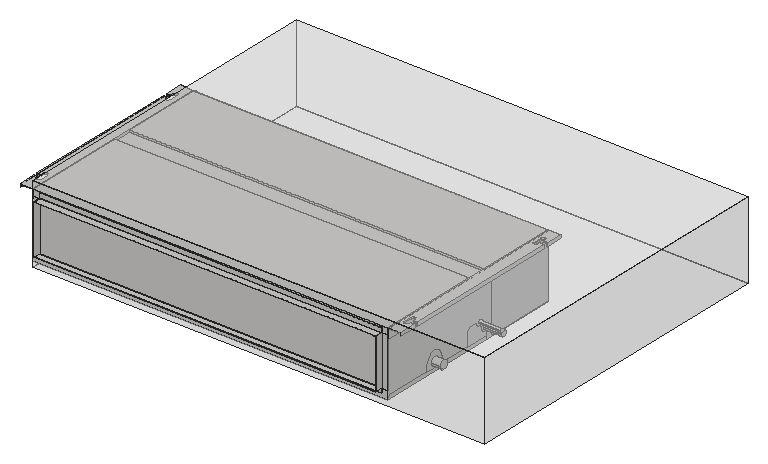
Revit family "outputfile", category 機械設備, Revit 2024
Family settings
  丸型コネクタ寸法 = 半径を使用
  パーツ タイプ = 標準
  OmniClass 番号 = 23.75.10.24.21.27.27
  OmniClass タイトル = Split System Air Conditioning Units
  作業面ベース = いいえ
  常に垂直 = はい
  ロード時にボイドで切り取り = いいえ
  注釈の向きを維持 = いいえ
  共有 = いいえ
  部屋計算ポイント = はい
Parameters (values of type "FDLF71DV1")
  Description = ""
  書き出し IFC クラス(タイプ) = "IfcUnitaryEquipmentType"
  定義済み IFC タイプ(タイプ) = "AIRCONDITIONINGUNIT"
  Cost = 0
  Type Comments = ""
  Keynote = ""
  Type Image = (empty or 0)
  Assembly Code = ""
  switch_frequency = yes
  ld_powersupply = Depth / 2  # 310 mm
  connector_voltage = Voltage_50Hz  # 230 V
  connector_powerinput = [Power Input (Cooling)]  # 0.000 kW
  connector_phase = Phase_50Hz  # 1
  angle_liquidpipe [instance] = if(Right Connection_refrigerant, 90.00°, 270.00°)  # 90.00°
  angle_gaspipe [instance] = if(Right Connection_refrigerant, 90.00°, 270.00°)  # 90.00°
  angle_drainpipe [instance] = if(Right Connection_refrigerant, 90.00°, 270.00°)  # 90.00°
  URL = ""
  Right Connection_refrigerant [instance] = yes
  製造元 = "Daikin"
  モデル = "FDLF71DV1"
  r_Liquid Pipe Size = Liquid Pipe Size / 2  # 4.75 mm
  r_Gas Pipe Size = Gas Pipe Size / 2  # 7.95 mm
  r_Drain Pipe Size = Drain Pipe Size / 2  # 12.5 mm
  lw_powersupply = 50 mm  # constant formula
  lw_ductflange2 = 1003 mm
  lw_Width = 1060 mm
  lh_suctionflange [instance] = 100 mm  # constant formula
  ld_suctionflange [instance] = if(Rear Connection_Return Air, 190.25 mm, 100.25 mm)  # 190.25 mm
  angle_vertical_RA [instance] = if(Rear Connection_Return Air, 90.00°, 0.00°)  # 90.00°
  angle horizontal_RA [instance] = if(Rear Connection_Return Air, 180.00°, 270.00°)  # 180.00°
  Voltage_comment_50Hz = "220 - 240"
  Voltage_50Hz = 230 V
  Supply Air Direction [instance] = yes
  Sound Power Level_H speed (dB) = 0
  Rear Connection_Return Air [instance] = not(Bottom Connection_Return Air)  # yes
  RA_length [instance] = if(Rear Connection_Return Air, 190.25 mm, 100 mm)  # 190.25 mm
  Phase_50Hz = 1
  Minimum External Static Pressure = 15.00 Pa
  Minimum Circuit Amps_50Hz = 0.0 A
  Maximum Fuse Amps_50Hz = 0.0 A
  Maximum External Static Pressure = 38.00 Pa
  Material_Casing = DAIKIN_GalvanizedSteel_Casing_indoorunit
  lw_liquidpipe = 621 mm
  lw_gaspipe = 608 mm
  lw_mountinghole = 1140 mm
  lw_drainpipe = 580 mm
  lh_powersupply = 150 mm  # constant formula
  lh_liquidpipe = 138 mm  # constant formula
  lh_gaspipe = 160 mm  # constant formula
  lh_mountinghole = Height  # 200 mm
  lh_drainpipe = 170 mm  # constant formula
  lh_antena = 1 mm  # constant formula
  ld_liquidpipe = 353 mm  # constant formula
  ld_gaspipe = 375 mm  # constant formula
  ld_mountinghole = 500 mm  # constant formula
  ld_drainpipe = 178 mm  # constant formula
  ld_controlbox = 626 mm  # constant formula
  h*** = 0 mm  # constant formula
  d_dischargeflange = 21.2 mm  # constant formula
  Width = 1100 mm
  Version = "ver.1.0"
  Unit Type = "L.S.P. Duct for Living Room"
  Unit Mass Weight = 31.00 kg
  Unit Designation [instance] = ""
  Uniclass2015Version = "Products v1.30"
  Uniclass2015Title = "Split coil room air conditioning units"
  Uniclass2015Code = "Pr_70_65_03_86"
  Total Cooling Capacity [instance] = 0.000 kW
  Sound Pressure Level_M speed (dBA) = 37
  Sound Pressure Level_L speed (dBA) = 34
  Sound Pressure Level_H speed (dBA) = 40
  Series = "SkyAir_Fan Coil Unit"
  Sensible Cooling Capacity [instance] = 0.000 kW
  SA Duct Size Width = 1060 mm
  SA Duct Size Height = 153 mm
  Refrigerant Type = "R32"
  RA Duct Size Width = 961 mm
  RA Duct Size Height = 160 mm
  Power Input (Cooling) = 0.000 kW
  Option Accessory 3 [instance] = ""
  Option Accessory 2 [instance] = ""
  Option Accessory 1 [instance] = ""
  Nominal Cooling Capacity = 7.100 kW
  Minimum Airflow = 990.00 m³/h
  Median Airflow = 1080.00 m³/h
  Maximum Airflow = 1200.00 m³/h
  Load Classification = HVAC
  Liquid Pipe Size = 9.5 mm
  Link_Nested Family [instance] = ""
  Left Connection_refrigerant [instance] = not(Right Connection_refrigerant)  # no
  IfcVersion = ""
  IfcExportType = "AIRCONDITIONINGUNIT"
  IfcExportAs = "IfcUnitaryEquipmentType"
  Height = 200 mm
  Heat Exchanger Type = "Cross Fin Coil"
  Gas Pipe Size = 15.9 mm
  Frequency_50Hz = 50 Hz
  Fan Type = "Sirocco Fan"
  Fan Drive = "Direct Drive"
  FCU Tag No. [instance] = ""
  Drain Pipe Size = 25.0 mm
  Design Supply Airflow [instance] = 0.00 m³/h
  Design Return Airflow [instance] = 0.00 m³/h
  Design External Static Pressure [instance] = 0.00 Pa
  Depth = 620 mm
  既定の高さ = 0 mm
  Cooling Entering Wet Bulb Temperature [instance] = 0.00 °C
  Cooling Entering Dry Bulb Temperature [instance] = 0.00 °C
  Cooling Ambient Wet Bulb Temperature [instance] = 0.00 °C
  Cooling Ambient Dry Bulb Temperature [instance] = 0.00 °C
  Clearance visibility [instance] = yes
  Clearance Top = 20 mm
  Clearance Right = 300 mm
  Clearance Rear = 400 mm
  Clearance Left = 0 mm
  Clearance Front = 0 mm
  Clearance Bottom = 20 mm
  Bottom Connection_Return Air [instance] = no
Reference planes
  plane 1 "Center (Front/Back)": y = 0
  plane 2: z = 0
  plane 3 "Center (Left/Right)": x = 0
  plane 4 "Back": y = 310
  plane 5 "Front": y = -310
  plane 6 "Left": x = -550
  plane 7 "Right": x = 550
  plane 8 "Top": z = 0
  plane 9 "Bottom": z = -200
  plane 10: x = -570
  plane 11: x = 570
  plane 12: y = 250
  plane 13: z = 0
  plane 14 "Clearance Left": x = -550
  plane 15 "Clearance Right": x = 850
  plane 16 "Clearance Rear": y = 710
  plane 17 "Clearance Front": y = -310
  plane 18 "Clearance Top": z = 20
  plane 19 "Clearance Bottom": z = -220
  plane 20: y = -250
  plane 21: z = -21
  plane 22: z = -97.5
  plane 23: x = -48.5
  plane 24: y = 119.75
  plane 25: z = -100
  plane 26: y = 65
  plane 27: z = -160
  plane 28: y = 43
  plane 29: z = -138
  plane 30: y = -132
  plane 31: z = -170
  plane 32: x = 608
  plane 33: x = 621
  plane 34: x = 580
  plane 35: x = 500
  plane 36: z = -150
  plane 37: x = -580
  plane 38: x = -621
  plane 39: x = -608
Forms (mm)
  Extrusion 1, solid, material "DAIKIN_GalvanizedSteel_Casing_indoorunit" <- "Material_Casing"
    sketch origin (0, 0, 0) x (1, 0, 0) y (0, 1, 0)
      loop
        line (-550, -310) -> (550, -310) -> (550, 310) -> (-550, 310) -> (-550, -310)
    from -200 to 0
  Extrusion 2, void
    sketch origin (0, 0, 1) x (1, 0, 0) y (0, 1, 0)
      loop
        line (-550, 61.5) -> (-550, 3.5) -> (550, 3.5) -> (550, 61.5) -> (-550, 61.5)
    from -1 to -7
  Extrusion 3, solid, material "DAIKIN_GalvanizedSteel_Casing_indoorunit" <- "Material_Casing", visible <- "Bottom Connection_Return Air"
    sketch origin (0, 0, 0) x (1, 0, 0) y (0, 0, 1)
      loop
        line (452, -199.25) -> (452, -0.75) -> (-549, -0.75) -> (-549, -199.25) -> (452, -199.25)
    from -310 to -309
  Extrusion 4, solid, material "DAIKIN_GalvanizedSteel_Casing_indoorunit" <- "Material_Casing", visible <- "Rear Connection_Return Air"
    sketch origin (0, 0, 0) x (1, 0, 0) y (0, 1, 0)
      loop
        line (-549, 309) -> (-549, 110.5) -> (452, 110.5) -> (452, 309) -> (-549, 309)
    from -200 to -199
  Extrusion 5, solid, material "DAIKIN_GalvanizedSteel_Casing_indoorunit" <- "Material_Casing", visible <- "Right Connection_refrigerant"
    sketch origin (550, 0, 0) x (0, 1, 0) y (0, 0, 1)
      loop
        circle (65, -160) r 7.95
    from 0 to 58
  Extrusion 6, solid, material "DAIKIN_GalvanizedSteel_Casing_indoorunit" <- "Material_Casing", visible <- "Right Connection_refrigerant"
    sketch origin (550, 0, 0) x (0, 1, 0) y (0, 0, 1)
      loop
        circle (43, -138) r 4.75
    from 0 to 71
  Extrusion 7, solid, material "DAIKIN_GalvanizedSteel_Casing_indoorunit" <- "Material_Casing", visible <- "Right Connection_refrigerant"
    sketch origin (550, 0, 0) x (0, 1, 0) y (0, 0, 1)
      loop
        line (-310, -200) -> (70, -200) -> (70, -190) -> (-310, -190) -> (-310, -200)
    from 0 to -1
  Extrusion 8, solid, material "DAIKIN_GalvanizedSteel_Casing_indoorunit" <- "Material_Casing", visible <- "Right Connection_refrigerant"
    sketch origin (550, 0, 0) x (0, 1, 0) y (0, 0, 1)
      loop
        arc (96, -27.5) -> (93.879, -28.379) -> (93, -30.5) r 3
        line (93, -30.5) -> (93, -194.5)
        arc (93, -194.5) -> (93.879, -196.621) -> (96, -197.5) r 3
        line (96, -197.5) -> (310, -197.5) -> (310, -27.5) -> (96, -27.5)
    from 0 to -1
  Extrusion 9, solid, material "DAIKIN_GalvanizedSteel_Casing_indoorunit" <- "Material_Casing", visible <- "Right Connection_refrigerant"
    sketch origin (550, 0, 0) x (0, 1, 0) y (0, 0, 1)
      loop
        arc (-104, -170) -> (-132, -142) -> (-160, -170) r 28
        line (-160, -170) -> (-160, -190) -> (-104, -190) -> (-104, -170)
    from 0 to -1
  Extrusion 10, solid, material "DAIKIN_GalvanizedSteel_Casing_indoorunit" <- "Material_Casing", visible <- "Right Connection_refrigerant"
    sketch origin (550, 0, 0) x (0, 1, 0) y (0, 0, 1)
      loop
        line (70, -190) -> (70, -174.671)
        arc (70, -174.671) -> (54.678, -171.563) -> (49.857, -156.691) r 15.5
        line (49.857, -156.691) -> (43.472, -150.991)
        arc (43.472, -150.991) -> (34.343, -147.698) -> (30.039, -139) r 13
        line (30.039, -139) -> (2, -139)
        arc (2, -139) -> (-0.121, -139.879) -> (-1, -142) r 3
        line (-1, -142) -> (-1, -190) -> (70, -190)
    from 0 to -1
  Extrusion 11, solid, material "DAIKIN_GalvanizedSteel_Casing_indoorunit" <- "Material_Casing", visible <- "Left Connection_refrigerant"
    sketch origin (-550, 0, 0) x (0, 1, 0) y (0, 0, 1)
      loop
        line (-310, -200) -> (70, -200) -> (70, -190) -> (-310, -190) -> (-310, -200)
    from 0 to -1
  Extrusion 12, solid, material "DAIKIN_GalvanizedSteel_Casing_indoorunit" <- "Material_Casing", visible <- "Left Connection_refrigerant"
    sketch origin (-550, 0, 0) x (0, 1, 0) y (0, 0, 1)
      loop
        arc (96, -27.5) -> (93.879, -28.379) -> (93, -30.5) r 3
        line (93, -30.5) -> (93, -194.5)
        arc (93, -194.5) -> (93.879, -196.621) -> (96, -197.5) r 3
        line (96, -197.5) -> (310, -197.5) -> (310, -27.5) -> (96, -27.5)
    from 0 to -1
  Extrusion 13, solid, material "DAIKIN_GalvanizedSteel_Casing_indoorunit" <- "Material_Casing", visible <- "Left Connection_refrigerant"
    sketch origin (-550, 0, 0) x (0, 1, 0) y (0, 0, 1)
      loop
        arc (-104, -170) -> (-132, -142) -> (-160, -170) r 28
        line (-160, -170) -> (-160, -190) -> (-104, -190) -> (-104, -170)
    from 0 to -1
  Extrusion 14, solid, material "DAIKIN_GalvanizedSteel_Casing_indoorunit" <- "Material_Casing", visible <- "Left Connection_refrigerant"
    sketch origin (-550, 0, 0) x (0, 1, 0) y (0, 0, 1)
      loop
        line (70, -190) -> (70, -174.671)
        arc (70, -174.671) -> (54.678, -171.563) -> (49.857, -156.691) r 15.5
        line (49.857, -156.691) -> (43.472, -150.991)
        arc (43.472, -150.991) -> (34.343, -147.698) -> (30.039, -139) r 13
        line (30.039, -139) -> (2, -139)
        arc (2, -139) -> (-0.121, -139.879) -> (-1, -142) r 3
        line (-1, -142) -> (-1, -190) -> (70, -190)
    from 0 to -1
  Extrusion 15, solid, material "DAIKIN_GalvanizedSteel_Casing_indoorunit" <- "Material_Casing", visible <- "Left Connection_refrigerant"
    sketch origin (-550, 0, 0) x (0, 1, 0) y (0, 0, 1)
      loop
        circle (43, -138) r 4.75
    from -71 to 0
  Extrusion 16, solid, material "DAIKIN_GalvanizedSteel_Casing_indoorunit" <- "Material_Casing", visible <- "Left Connection_refrigerant"
    sketch origin (-550, 0, 0) x (0, 1, 0) y (0, 0, 1)
      loop
        circle (65, -160) r 7.95
    from -58 to 0
  Extrusion 17, solid, material "DAIKIN_GalvanizedSteel_Casing_indoorunit" <- "Material_Casing", visible <- "Left Connection_refrigerant"
    sketch origin (-550, 0, 0) x (0, 1, 0) y (0, 0, 1)
      loop
        circle (-132, -170) r 12.5
    from -30 to 0
  Extrusion 18, solid, material "DAIKIN_GalvanizedSteel_Casing_indoorunit" <- "Material_Casing", visible <- "Right Connection_refrigerant"
    sketch origin (550, 0, 0) x (0, 1, 0) y (0, 0, 1)
      loop
        circle (-132, -170) r 12.5
    from 0 to 30
Cuts and joins
  Extrusion 2 cuts Extrusion 1
Dimensions and locks
  "Height": plane 8 "Top" to plane 9 "Bottom"
  equal spacing: plane 10, plane 3 "Center (Left/Right)", plane 11
  "lw_mountinghole": plane 10 to plane 11
  equal spacing: plane 6 "Left", plane 3 "Center (Left/Right)", plane 7 "Right"
  "Width": plane 6 "Left" to plane 7 "Right"
  "Clearance Right": plane 7 "Right" to plane 15 "Clearance Right"
  "Clearance Left": plane 14 "Clearance Left" to plane 6 "Left"
  "Clearance Rear": plane 16 "Clearance Rear" to plane 4 "Back"
  "Clearance Front": plane 5 "Front" to plane 17 "Clearance Front"
  "Clearance Top": plane 18 "Clearance Top" to plane 8 "Top"
  "Clearance Bottom": plane 9 "Bottom" to plane 19 "Clearance Bottom"
  "Depth": plane 4 "Back" to plane 5 "Front"
  equal spacing: plane 4 "Back", plane 1 "Center (Front/Back)", plane 5 "Front"
  Extrusion 3 sketch curve to Extrusion 3 sketch curve = 198.5 mm
  locked: plane 20 to plane 5 "Front" at 60
  "ld_mountinghole": plane 12 to plane 20
  locked: plane 8 "Top" to plane 21 at 21
  locked: plane 23 to plane 3 "Center (Left/Right)" at 48.5
  "ld_suctionflange": plane 4 "Back" to plane 24
  "lh_suctionflange": plane 8 "Top" to plane 25
  "ld_gaspipe": plane 26 to plane 5 "Front"
  "lh_gaspipe": plane 8 "Top" to plane 27
  "ld_liquidpipe": plane 28 to plane 5 "Front"
  "lh_liquidpipe": plane 8 "Top" to plane 29
  "ld_drainpipe": plane 30 to plane 5 "Front"
  "lh_drainpipe": plane 8 "Top" to plane 31
  "lw_powersupply": plane 35 to plane 7 "Right"
  "lh_powersupply": plane 8 "Top" to plane 36
  "lw_gaspipe": plane 3 "Center (Left/Right)" to plane 32
  "lw_liquidpipe": plane 3 "Center (Left/Right)" to plane 33
  "lw_drainpipe": plane 3 "Center (Left/Right)" to plane 34
  "lw_liquidpipe": plane 38 to plane 3 "Center (Left/Right)"
  "lw_gaspipe": plane 39 to plane 3 "Center (Left/Right)"
  "lw_drainpipe": plane 37 to plane 3 "Center (Left/Right)"
  "r_Gas Pipe Size": radius of Extrusion 5 sketch curve
  "r_Liquid Pipe Size": radius of Extrusion 6 sketch curve
  "r_Liquid Pipe Size": radius of Extrusion 15 sketch curve
  "r_Gas Pipe Size": radius of Extrusion 16 sketch curve
  "r_Drain Pipe Size": radius of Extrusion 17 sketch curve
  "r_Drain Pipe Size": radius of Extrusion 18 sketch curve
  aligned and locked: level to plane 2
  aligned and locked: Extrusion 1 to plane 9 "Bottom"
  aligned and locked: plane 8 "Top" to Extrusion 1
  aligned and locked: plane 11 to nested 2
  aligned and locked: plane 10 to nested 3
  aligned and locked: plane 10 to nested 4
  aligned and locked: plane 8 "Top" to Extrusion 2
  aligned and locked: plane 9 "Bottom" to Extrusion 4  (x2)
  aligned and locked: plane 7 "Right" to cut or joined group of Extrusion 1, Extrusion 2  (x2)
  aligned and locked: plane 3 "Center (Left/Right)" to nested 9
  aligned and locked: plane 6 "Left" to nested 7
  aligned and locked: plane 8 "Top" to nested 9
  aligned and locked: plane 11 to nested 1
  aligned and locked: nested 6 to plane 1 "Center (Front/Back)"
  aligned and locked: plane 3 "Center (Left/Right)" to nested 6
  aligned and locked: level to plane 8 "Top"
  aligned and locked: plane 1 "Center (Front/Back)" to nested 9
  aligned and locked: plane 5 "Front" to nested 10
  aligned and locked: Extrusion 1 sketch curve to plane 5 "Front"
  aligned and locked: plane 21 to nested 10
  aligned and locked: nested 5 to plane 5 "Front"
  aligned and locked: plane 3 "Center (Left/Right)" to nested 5
  aligned and locked: plane 22 to nested 5
  aligned and locked: Extrusion 2 sketch curve to plane 6 "Left"
  aligned and locked: plane 7 "Right" to Extrusion 2 sketch curve
  aligned and locked: nested 11 to plane 23
  aligned and locked: nested 11 to plane 24
  aligned and locked: plane 27 to Extrusion 5 sketch curve
  aligned and locked: plane 26 to Extrusion 5 sketch curve
  aligned and locked: plane 28 to Extrusion 6 sketch curve
  aligned and locked: plane 29 to Extrusion 6 sketch curve
  aligned and locked: plane 32 to Extrusion 5
  aligned and locked: plane 33 to Extrusion 6
  aligned and locked: Extrusion 7 sketch curve to plane 9 "Bottom"
  aligned and locked: Extrusion 7 sketch curve to plane 5 "Front"
  aligned and locked: plane 14 "Clearance Left" to nested 12
  aligned and locked: plane 15 "Clearance Right" to nested 12
  aligned and locked: plane 16 "Clearance Rear" to nested 12
  aligned and locked: nested 12 to plane 17 "Clearance Front"
  aligned and locked: nested 12 to plane 18 "Clearance Top"
  aligned and locked: nested 12 to plane 19 "Clearance Bottom"
  aligned and locked: nested 13 to plane 35
  aligned and locked: nested 13 to plane 36
  aligned and locked: plane 4 "Back" to nested 13
  aligned and locked: nested 14 to plane 26
  aligned and locked: plane 3 "Center (Left/Right)" to nested 14
  aligned and locked: nested 14 to plane 27
  aligned and locked: nested 15 to plane 28
  aligned and locked: plane 3 "Center (Left/Right)" to nested 15
  aligned and locked: nested 15 to plane 29
  aligned and locked: nested 16 to plane 30
  aligned and locked: plane 3 "Center (Left/Right)" to nested 16
  aligned and locked: nested 16 to plane 31
  aligned and locked: plane 29 to Extrusion 15 sketch curve
  aligned and locked: plane 28 to Extrusion 15 sketch curve
  aligned and locked: Extrusion 15 to plane 38
  aligned and locked: plane 6 "Left" to Extrusion 15
  aligned and locked: plane 26 to Extrusion 16 sketch curve
  aligned and locked: plane 27 to Extrusion 16 sketch curve
  aligned and locked: Extrusion 16 to plane 39
  aligned and locked: plane 6 "Left" to Extrusion 16
  aligned and locked: plane 30 to Extrusion 17 sketch curve
  aligned and locked: Extrusion 17 to plane 37
  aligned and locked: plane 6 "Left" to Extrusion 17
  aligned and locked: Extrusion 5 to plane 7 "Right"
  aligned and locked: Extrusion 6 to plane 7 "Right"
  aligned and locked: plane 30 to Extrusion 18 sketch curve
  aligned and locked: plane 31 to Extrusion 18 sketch curve
  aligned and locked: plane 34 to Extrusion 18
  aligned and locked: Extrusion 18 to plane 7 "Right"
Automatic sketch dimensions
  Extrusion 1 sketch curve to plane 4 "Back" = 0 mm
  Extrusion 1 sketch curve to plane 6 "Left" = 0 mm
  Extrusion 1 sketch curve to plane 7 "Right" = 0 mm
  Extrusion 2 sketch curve to plane 1 "Center (Front/Back)" = 3.5 mm
  Extrusion 2 sketch curve to plane 26 = 3.5 mm
  plane 9 "Bottom" to Extrusion 3 sketch curve = 0.75 mm
  plane 6 "Left" to Extrusion 3 sketch curve = 1 mm
  Extrusion 3 sketch curve to plane 35 = 48 mm
  Extrusion 4 sketch curve to plane 4 "Back" = 1 mm
  plane 6 "Left" to Extrusion 4 sketch curve = 1 mm
  Extrusion 4 sketch curve to plane 35 = 48 mm
  Extrusion 4 sketch curve to plane 24 = 9.25 mm
  plane 26 to Extrusion 7 sketch curve = 5 mm
  Extrusion 7 sketch curve to Extrusion 7 sketch curve = 10 mm
  Extrusion 8 sketch curve to plane 21 = 9.5 mm
  Extrusion 8 sketch curve to plane 24 = 23.75 mm  (x2)
  plane 9 "Bottom" to Extrusion 8 sketch curve = 5.5 mm
  Extrusion 8 sketch curve to Extrusion 8 sketch curve = 3 mm
  Extrusion 9 sketch curve to plane 31 = 0 mm
  Extrusion 9 sketch curve to plane 30 = 0 mm
  plane 9 "Bottom" to Extrusion 9 sketch curve = 10 mm
  Extrusion 9 sketch curve to plane 30 = 28 mm
  Extrusion 10 sketch curve to plane 28 = 0 mm
  Extrusion 10 sketch curve to plane 26 = 0 mm
  Extrusion 10 sketch curve to plane 27 = 0 mm
  Extrusion 10 sketch curve to plane 29 = 0 mm
  Extrusion 10 sketch curve to plane 29 = 1 mm
  Extrusion 10 sketch curve to plane 28 = 12.961 mm
  Extrusion 10 sketch curve to plane 1 "Center (Front/Back)" = 2 mm
  plane 1 "Center (Front/Back)" to Extrusion 10 sketch curve = 1 mm
  plane 28 to Extrusion 10 sketch curve = 0.472 mm
  plane 27 to Extrusion 10 sketch curve = 3.309 mm
  plane 28 to Extrusion 10 sketch curve = 6.857 mm
  plane 26 to Extrusion 10 sketch curve = 5 mm
  plane 9 "Bottom" to Extrusion 10 sketch curve = 10 mm
  Extrusion 8 sketch curve to plane 4 "Back" = 0 mm
  Extrusion 17 sketch curve to plane 31 = 0 mm
  Extrusion 12 sketch curve to plane 4 "Back" = 0 mm
  plane 9 "Bottom" to Extrusion 12 sketch curve = 5.5 mm
  Extrusion 12 sketch curve to plane 24 = 23.75 mm  (x2)
  Extrusion 12 sketch curve to plane 21 = 6.5 mm
  Extrusion 12 sketch curve to Extrusion 12 sketch curve = 3 mm
  Extrusion 14 sketch curve to plane 28 = 0 mm
  Extrusion 14 sketch curve to plane 26 = 0 mm
  Extrusion 14 sketch curve to plane 27 = 0 mm
  Extrusion 14 sketch curve to plane 29 = 0 mm
  Extrusion 14 sketch curve to plane 29 = 1 mm
  Extrusion 14 sketch curve to plane 28 = 12.961 mm
  Extrusion 14 sketch curve to plane 1 "Center (Front/Back)" = 2 mm
  plane 1 "Center (Front/Back)" to Extrusion 14 sketch curve = 1 mm
  plane 28 to Extrusion 14 sketch curve = 0.472 mm
  plane 27 to Extrusion 14 sketch curve = 3.309 mm
  plane 28 to Extrusion 14 sketch curve = 6.857 mm
  plane 26 to Extrusion 14 sketch curve = 5 mm
  plane 9 "Bottom" to Extrusion 14 sketch curve = 10 mm
  Extrusion 11 sketch curve to plane 5 "Front" = 0 mm
  Extrusion 11 sketch curve to plane 9 "Bottom" = 0 mm
  plane 26 to Extrusion 11 sketch curve = 5 mm
  Extrusion 11 sketch curve to Extrusion 11 sketch curve = 10 mm
  Extrusion 13 sketch curve to plane 31 = 0 mm
  Extrusion 13 sketch curve to plane 30 = 0 mm
  plane 9 "Bottom" to Extrusion 13 sketch curve = 10 mm
  Extrusion 13 sketch curve to plane 30 = 28 mm
Nested families
  nested 1: "daikin_mountinghole" at (570, 250, -200), l_antenna <- "lh_antena", Link_Nested Family <- "Link_Nested Family", h_mountinghole <- "lh_mountinghole", type "daikin_mountinghole"
    with show yes, l_antenna 1 mm, h_mountinghole 200 mm, Link_Nested Family ""
  nested 2: "daikin_mountinghole" at (570, -250, -200), Link_Nested Family <- "Link_Nested Family", l_antenna <- "lh_antena", h_mountinghole <- "lh_mountinghole", type "daikin_mountinghole"
    with show yes, l_antenna 1 mm, h_mountinghole 200 mm, Link_Nested Family ""
  nested 3: "daikin_mountinghole" at (-570, -250, -200), l_antenna <- "lh_antena", Link_Nested Family <- "Link_Nested Family", h_mountinghole <- "lh_mountinghole", type "daikin_mountinghole"
    with show yes, l_antenna 1 mm, h_mountinghole 200 mm, Link_Nested Family ""
  nested 4: "daikin_mountinghole" at (-570, 250, -200), l_antenna <- "lh_antena", Link_Nested Family <- "Link_Nested Family", h_mountinghole <- "lh_mountinghole", type "daikin_mountinghole"
    with show yes, l_antenna 1 mm, h_mountinghole 200 mm, Link_Nested Family ""
  nested 5: "daikin_connector_rotate2" at (0, -310, -97.5), length <- "d_dischargeflange", type "daikin_connector_rotate2"
    with radius 10 mm, length 21.2 mm, angle_vertical 90.00°, show_face no
  nested 6: "daikin_△_symbolicline" at (-75, -129.904, 200) x (-0.5, 0.866, 0) z (0, 0, 1), built-in parameter 1001364 <- "Height", visible <- "Supply Air Direction", type "daikin_△_symbolicline"
    with length 300 mm
  nested 7: "daikin_ductflange_FDLF-DV1_1" at (-48.5, 310, -100), visible <- "Rear Connection_Return Air", material <- "Material_Casing", width <- "lw_ductflange2", type "daikin_ductflange_FDLF-DV1_1"
    with width 1003 mm, material DAIKIN_GalvanizedSteel_Casing_indoorunit, height 180 mm, depth 21.2 mm
  nested 8: "daikin_ductflange_FDLF-DV1_1" at (-48.5, 209.75, -200) x (1, 0, 0) z (0, 1, 0), visible <- "Bottom Connection_Return Air", material <- "Material_Casing", width <- "lw_ductflange2", type "daikin_ductflange_FDLF-DV1_1"
    with width 1003 mm, material DAIKIN_GalvanizedSteel_Casing_indoorunit, height 180 mm, depth 21.2 mm
  nested 9: "daikin_hangerfixture_FDLF-DV1" at (0, 0, 0), type "daikin_hangerfixture_FDLF-DV1"
    with width 1100 mm
  nested 10: "daikin_ductflange_FDLF-DV1" at (0, 3.5, -364.201), width <- "lw_Width", material <- "Material_Casing", type "daikin_ductflange_FDLF-DV1"
    with width 1060 mm, material DAIKIN_GalvanizedSteel_Casing_indoorunit, height 155 mm, depth 21.2 mm
  nested 11: "daikin_connector_rotate3" at (-48.5, 119.75, -100), length <- "RA_length", angle_vertical <- "angle_vertical_RA", angle_horizontal <- "angle horizontal_RA", type "daikin_connector_rotate3"
    with show no, radius 10 mm, length 190.25 mm, angle_vertical 90.00°, angle_horizontal 180.00°
  nested 12: "daikin_clearancespace" at (150, 200, -99.881), visible <- "Clearance visibility", Link_Nested Family <- "Link_Nested Family", show <- "Clearance visibility", type "daikin_clearancespace"
    with width 1400 mm, show yes, height 240 mm, depth 1020 mm, Link_Nested Family ""
  nested 13: "daikin_connector_rotate2" at (500, 0, -150) x (-1, 0, 0) z (0, 0, 1), length <- "ld_powersupply", type "daikin_connector_rotate2"
    with radius 10 mm, length 310 mm, angle_vertical 90.00°, show_face no
  nested 14: "daikin_connector_rotate3" at (0, 65, -160), angle_vertical <- "angle_gaspipe", radius <- "r_Gas Pipe Size", length <- "lw_gaspipe", type "daikin_connector_rotate3"
    with show no, radius 7.95 mm, length 608 mm, angle_vertical 90.00°, angle_horizontal 90.00°
  nested 15: "daikin_connector_rotate3" at (0, 43, -138), angle_vertical <- "angle_liquidpipe", length <- "lw_liquidpipe", radius <- "r_Liquid Pipe Size", type "daikin_connector_rotate3"
    with show no, radius 4.75 mm, length 621 mm, angle_vertical 90.00°, angle_horizontal 90.00°
  nested 16: "daikin_connector_rotate3" at (0, -132, -170), angle_vertical <- "angle_drainpipe", length <- "lw_drainpipe", radius <- "r_Drain Pipe Size", type "daikin_connector_rotate3"
    with show no, radius 12.5 mm, length 580 mm, angle_vertical 90.00°, angle_horizontal 90.00°
Connectors
  hvac at (0, -331.2, -97.5), driven by "SA Duct Size Height", driven by "SA Duct Size Width"
    settings: on nested 5, index 1, duct flow 0.00 m³/h, flow factor 0, pres drop 0.00 Pa, loss coef 0, conn angle 0.00°, conn width 1060.0 mm, conn height 153.0 mm, conn diameter 609.6 mm, duct sys type 1, conn prof type 1, flow config 0, flow direction 2, loss method 4, conn ref index -1, conn util no, is conn primary yes, conn desc "SA Duct"
  hvac at (-48.5, 310, -100), driven by "RA Duct Size Height", driven by "RA Duct Size Width"
    settings: on nested 11, index 2, duct flow 0.00 m³/h, flow factor 0, pres drop 0.00 Pa, loss coef 0, conn angle 0.00°, conn width 961.0 mm, conn height 160.0 mm, conn diameter 609.6 mm, duct sys type 2, conn prof type 1, flow config 0, flow direction 1, loss method 4, conn ref index -1, conn util no, is conn primary no, conn desc "RA Duct"
  electrical at (500, 310, -150), driven by "Load Classification", driven by "connector_phase", driven by "connector_powerinput", driven by "connector_voltage"
    settings: on nested 13, index 6, voltage 230 V, apparent load 0 VA, apparent load phase1 0 VA, apparent load phase2 0 VA, apparent load phase3 0 VA, power factor 1, load classification "HVAC", number of poles 1, system type 30, power factor state 1, is connector primary yes, connector utility no, sub classification motor no, connector description "Power Supply"
  piping at (608, 65, -160), diameter 15.9, driven by "r_Gas Pipe Size"
    settings: on nested 14, index 7, connector inside diameter 609.6 mm, connector length 0 mm, flow factor 0, pipe flow 0.00 m³/h, pressure drop 0.0 Pa, fitting loss kfactor 0, connector angle 0.00°, fixture units 0, engagement length 0 mm, angle of deflection 0.00°, flow configuration 1, flow direction 2, fitting loss method 0, system type 29, joint type 0, gender type 0, connector reference index -1, connector utility 0, adjustable connector no, is connector primary yes, connector description "Refrigerant Gas Piping"
  piping at (621, 43, -138), diameter 9.5, driven by "r_Liquid Pipe Size"
    settings: on nested 15, index 8, connector inside diameter 609.6 mm, connector length 0 mm, flow factor 0, pipe flow 0.00 m³/h, pressure drop 0.0 Pa, fitting loss kfactor 0, connector angle 0.00°, fixture units 0, engagement length 0 mm, angle of deflection 0.00°, flow configuration 1, flow direction 1, fitting loss method 0, system type 29, joint type 0, gender type 0, connector reference index -1, connector utility 0, adjustable connector no, is connector primary no, connector description "Refrigerant Liquid Piping"
  piping at (580, -132, -170), diameter 25, driven by "r_Drain Pipe Size"
    settings: on nested 16, index 9, connector inside diameter 609.6 mm, connector length 0 mm, flow factor 0, pipe flow 0.00 m³/h, pressure drop 0.0 Pa, fitting loss kfactor 0, connector angle 0.00°, fixture units 0, engagement length 0 mm, angle of deflection 0.00°, flow configuration 1, flow direction 2, fitting loss method 4, system type 16, joint type 0, gender type 0, connector reference index -1, connector utility 0, adjustable connector no, is connector primary no, connector description "Condensate Drain Piping"
Definition of nested family "daikin_ductflange_FDLF-DV1_1"
  Parameters (values of type "daikin_ductflange_FDLF-DV1_1")
    width [instance] = 620 mm
    material [instance] = none
    height [instance] = 180 mm
    depth [instance] = 21.2 mm
    Default Elevation = 0 mm
  Reference planes
    plane 1 "Center (Front/Back)": y = 0
    plane 2: z = 0
    plane 3 "Center (Left/Right)": x = 0
    plane 4: x = -310
    plane 5: x = 310
    plane 6: z = 90
    plane 7: z = -90
    plane 8: z = 100.25
    plane 9: z = -100.25
    plane 10: x = -309
    plane 11: x = 309
  Forms (mm)
    Extrusion 1, solid, material <- "material"
      sketch origin (0, 0, 0) x (1, 0, 0) y (0, 0, 1)
        loop
          line (-300.5, 90) -> (-300.5, -90) -> (300.5, -90) -> (300.5, 90) -> (-300.5, 90)
        loop
          line (-309, -99.25) -> (309, -99.25) -> (309, 99.25) -> (-309, 99.25) -> (-309, -99.25)
      from 0 to 1
  Dimensions and locks
    equal spacing: plane 5, plane 3 "Center (Left/Right)", plane 4, locked at 310 each
    "width": plane 5 to plane 4
    equal spacing: plane 6, level, plane 7, locked at 90 each
    "height": plane 6 to plane 7
    equal spacing: plane 8, level, plane 9
    plane 10 to plane 4 = 1 mm
    locked: plane 5 to plane 11 at 1
    locked: Extrusion 1 sketch curve to Extrusion 1 sketch curve at 8.5  (x2)
    plane 8 to Extrusion 1 sketch curve = 1 mm
    locked: Extrusion 1 sketch curve to plane 9 at 1
    locked: plane 8 to plane 9 at 200.5
    aligned and locked: level to plane 2
    aligned and locked: Extrusion 1 sketch curve to plane 6
    aligned and locked: plane 7 to Extrusion 1 sketch curve
  Automatic sketch dimensions
    plane 4 to Extrusion 1 sketch curve = 1 mm
    Extrusion 1 sketch curve to plane 5 = 1 mm
Definition of nested family "daikin_hangerfixture_FDLF-DV1"
  Parameters (values of type "daikin_hangerfixture_FDLF-DV1")
    width = 900 mm
    material = none
    height = 30 mm
    depth = 620 mm
    Default Elevation = 0 mm
  Reference planes
    plane 1 "Center (Front/Back)": y = 0
    plane 2: z = 0
    plane 3 "Center (Left/Right)": x = 0
    plane 4: x = 450
    plane 5: y = 310
    plane 6: y = -310
    plane 7: x = -450
    plane 8: z = -30
  Forms (mm)
    Extrusion 1, solid, material <- "material"
      sketch origin (0, 0, 0) x (1, 0, 0) y (0, 0, 1)
        loop
          line (450, 0) -> (450, -30) -> (452.3, -30) -> (452.3, -2.3) -> (487.7, -2.3) -> (487.7, -10) -> (490, -10) -> (490, 0) -> (450, 0)
      from -310 to 310
    Extrusion 2, void
      sketch origin (0, 0, 0) x (0, 1, 0) y (0, 0, 1)
        loop
          line (310, -30) -> (310, -17.979) -> (87.935, -17.979) -> (75.914, -30) -> (310, -30)
      from -786.78 to 600.701
    Extrusion 3, void
      sketch origin (0, 0, 0) x (1, 0, 0) y (0, 1, 0)
        loop
          line (490, -244.5) -> (477, -244.5) -> (477, -238)
          arc (477, -238) -> (470, -231) -> (463, -238) r 7
          line (463, -238) -> (463, -264)
          arc (463, -264) -> (470, -271) -> (477, -264) r 7
          line (477, -264) -> (477, -257.5) -> (490, -257.5) -> (490, -244.5)
        loop
          line (490, 244.5) -> (490, 257.5) -> (477, 257.5) -> (477, 264)
          arc (477, 264) -> (470, 271) -> (463, 264) r 7
          line (463, 264) -> (463, 238)
          arc (463, 238) -> (470, 231) -> (477, 238) r 7
          line (477, 238) -> (477, 244.5) -> (490, 244.5)
      from -254.96 to 618
    Extrusion 4, solid, material <- "material"
      sketch origin (0, 0, 0) x (-1, 0, 0) y (0, 0, -1)
        loop
          line (450, 0) -> (490, 0) -> (490, 10) -> (487.7, 10) -> (487.7, 2.3) -> (452.3, 2.3) -> (452.3, 30) -> (450, 30) -> (450, 0)
      from -310 to 310
    Extrusion 5, void
      sketch origin (0, 0, 0) x (-1, 0, 0) y (0, -1, 0)
        loop
          line (490, 244.5) -> (490, 257.5) -> (477, 257.5) -> (477, 264)
          arc (477, 264) -> (470, 271) -> (463, 264) r 7
          line (463, 264) -> (463, 238)
          arc (463, 238) -> (470, 231) -> (477, 238) r 7
          line (477, 238) -> (477, 244.5) -> (490, 244.5)
        loop
          line (490, -244.5) -> (477, -244.5) -> (477, -238)
          arc (477, -238) -> (470, -231) -> (463, -238) r 7
          line (463, -238) -> (463, -264)
          arc (463, -264) -> (470, -271) -> (477, -264) r 7
          line (477, -264) -> (477, -257.5) -> (490, -257.5) -> (490, -244.5)
      from -254.96 to 618
  Cuts and joins
    Extrusion 2, Extrusion 3, Extrusion 5 cuts Extrusion 1
    Extrusion 2, Extrusion 5 cuts Extrusion 4
  Dimensions and locks
    equal spacing: plane 5, plane 1 "Center (Front/Back)", plane 6
    "depth": plane 5 to plane 6
    plane 6 to plane 1 "Center (Front/Back)" to plane 5 = 310 mm, 310 mm
    equal spacing: plane 4, plane 3 "Center (Left/Right)", plane 7
    "width": plane 4 to plane 7
    "height": level to plane 8
    aligned and locked: level to plane 2
    aligned and locked: plane 5 to Extrusion 1
    aligned and locked: Extrusion 1 to plane 6
    aligned and locked: Extrusion 1 to plane 4
    aligned and locked: plane 5 to cut or joined group of Extrusion 1, Extrusion 2, Extrusion 3, Extrusion 5
    aligned and locked: cut or joined group of Extrusion 1, Extrusion 2, Extrusion 3, Extrusion 5 to plane 6
    aligned and locked: level to cut or joined group of Extrusion 1, Extrusion 2, Extrusion 3, Extrusion 5
    aligned and locked: cut or joined group of Extrusion 1, Extrusion 2, Extrusion 3, Extrusion 5 to plane 8
    aligned and locked: plane 5 to cut or joined group of Extrusion 2, Extrusion 4, Extrusion 5
    aligned and locked: cut or joined group of Extrusion 2, Extrusion 4, Extrusion 5 to plane 6
  Automatic sketch dimensions
    Extrusion 1 sketch curve to plane 4 = 0 mm
    Extrusion 1 sketch curve to plane 8 = 0 mm
    Extrusion 1 sketch curve to level = 0 mm
    plane 4 to Extrusion 1 sketch curve = 2.3 mm
    Extrusion 1 sketch curve to level = 2.3 mm
    Extrusion 1 sketch curve to Extrusion 1 sketch curve = 35.4 mm
    Extrusion 1 sketch curve to Extrusion 1 sketch curve = 2.3 mm
    Extrusion 1 sketch curve to Extrusion 1 sketch curve = 7.7 mm
    Extrusion 2 sketch curve to plane 8 = 0 mm
    Extrusion 2 sketch curve to plane 5 = 0 mm
    plane 8 to Extrusion 2 sketch curve = 12.021 mm
    Extrusion 2 sketch curve to plane 1 "Center (Front/Back)" = 87.935 mm
    Extrusion 2 sketch curve to Extrusion 2 sketch curve = 12.021 mm
    plane 4 to Extrusion 3 sketch curve = 13 mm  (x2)
    Extrusion 3 sketch curve to Extrusion 3 sketch curve = 7 mm  (x4)
    Extrusion 3 sketch curve to Extrusion 3 sketch curve = 13 mm  (x4)
    plane 6 to Extrusion 3 sketch curve = 46 mm
    Extrusion 3 sketch curve to Extrusion 3 sketch curve = 6.5 mm  (x4)
    Extrusion 3 sketch curve to plane 5 = 72 mm
    Extrusion 4 sketch curve to plane 7 = 0 mm
    Extrusion 4 sketch curve to plane 8 = 0 mm
    Extrusion 4 sketch curve to level = 0 mm
    Extrusion 4 sketch curve to plane 7 = 2.3 mm
    Extrusion 4 sketch curve to level = 2.3 mm
    Extrusion 4 sketch curve to Extrusion 4 sketch curve = 35.4 mm
    Extrusion 4 sketch curve to Extrusion 4 sketch curve = 2.3 mm
    Extrusion 4 sketch curve to Extrusion 4 sketch curve = 7.7 mm
    Extrusion 5 sketch curve to plane 7 = 13 mm  (x2)
    Extrusion 5 sketch curve to Extrusion 5 sketch curve = 7 mm  (x4)
    Extrusion 5 sketch curve to Extrusion 5 sketch curve = 13 mm  (x4)
    Extrusion 5 sketch curve to plane 5 = 46 mm
    Extrusion 5 sketch curve to Extrusion 5 sketch curve = 6.5 mm  (x4)
    plane 6 to Extrusion 5 sketch curve = 72 mm
Definition of nested family "daikin_ductflange_FDLF-DV1"
  Parameters (values of type "daikin_ductflange_FXDQ-NDVET")
    width [instance] = 660 mm
    material [instance] = none
    height [instance] = 155 mm
    depth [instance] = 21.2 mm
    Default Elevation = 0 mm
  Reference planes
    plane 1 "Center (Front/Back)": y = 0
    plane 2: z = 189.201
    plane 3 "Center (Left/Right)": x = 0
    plane 4: y = -313.5
    plane 5: x = -330
    plane 6: x = 330
    plane 7: y = -334.7
    plane 8: z = 344.201
    plane 9: z = 266.701
    plane 10: z = 343.201
    plane 11: z = 190.201
  Forms (mm)
    Extrusion 1, solid, material <- "material"
      sketch origin (0, 0, 189.201) x (1, 0, 0) y (0, 1, 0)
        loop
          line (-330, -334.7) -> (-330, -313.5) -> (-350, -313.5) -> (-350, -314.5) -> (-331, -314.5) -> (-331, -334.7) -> (-330, -334.7)
        loop
          line (330, -334.7) -> (331, -334.7) -> (331, -314.5) -> (350, -314.5) -> (350, -313.5) -> (330, -313.5) -> (330, -334.7)
      from 1 to 154
    Extrusion 2, solid, material <- "material"
      sketch origin (0, 0, 0) x (0, 1, 0) y (0, 0, 1)
        loop
          line (-313.5, 343.201) -> (-313.5, 358.201) -> (-314.5, 358.201) -> (-314.5, 344.201) -> (-334.7, 344.201) -> (-334.7, 343.201) -> (-313.5, 343.201)
        loop
          line (-313.5, 190.201) -> (-334.7, 190.201) -> (-334.7, 189.201) -> (-314.5, 189.201) -> (-314.5, 175.201) -> (-313.5, 175.201) -> (-313.5, 190.201)
      from -330 to 330
  Dimensions and locks
    plane 4 to plane 1 "Center (Front/Back)" = 313.5 mm
    "depth": plane 7 to plane 4
    equal spacing: plane 8, plane 9, level
    "height": plane 8 to level
    equal spacing: plane 6, plane 3 "Center (Left/Right)", plane 5
    "width": plane 6 to plane 5
    locked: plane 8 to plane 10 at 1
    locked: plane 11 to level at 1
    locked: Extrusion 1 to Extrusion 2 sketch curve at 1
    locked: Extrusion 2 sketch curve to Extrusion 1 at 1
    plane 10 to plane 11 = 153 mm
    aligned and locked: level to plane 2
    aligned and locked: Extrusion 2 to plane 5
    aligned and locked: Extrusion 2 to plane 11
    aligned and locked: Extrusion 2 to plane 10
    aligned and locked: plane 6 to Extrusion 2
    aligned and locked: plane 5 to Extrusion 2  (x2)
    aligned and locked: plane 5 to Extrusion 1  (x2)
    aligned and locked: Extrusion 1 to plane 6
    aligned and locked: plane 6 to Extrusion 1
    aligned and locked: Extrusion 1 to plane 10
  Automatic sketch dimensions
    Extrusion 2 sketch curve to plane 7 = 0 mm  (x2)
    Extrusion 2 sketch curve to plane 4 = 0 mm  (x2)
    Extrusion 2 sketch curve to plane 11 = 0 mm
    Extrusion 2 sketch curve to plane 10 = 0 mm
    Extrusion 2 sketch curve to plane 4 = 1 mm  (x2)
    Extrusion 2 sketch curve to level = 14 mm
    plane 8 to Extrusion 2 sketch curve = 14 mm
    Extrusion 1 sketch curve to plane 4 = 0 mm  (x2)
    Extrusion 1 sketch curve to plane 7 = 0 mm  (x2)
    Extrusion 1 sketch curve to plane 5 = 0 mm
    Extrusion 1 sketch curve to plane 6 = 0 mm
    Extrusion 1 sketch curve to plane 5 = 1 mm
    Extrusion 1 sketch curve to Extrusion 1 sketch curve = 19 mm  (x2)
    Extrusion 1 sketch curve to Extrusion 1 sketch curve = 1 mm
    Extrusion 1 sketch curve to plane 4 = 1 mm  (x2)
Definition of nested family "daikin_clearancespace"
  Parameters (values of type "daikin_clearancespace")
    Description = "daikin_clearancespace"
    width [instance] = 1823.963 mm
    show [instance] = yes
    material = none
    height [instance] = 1359.762 mm
    depth [instance] = 880 mm
    Default Elevation = 0 mm
    Link_Nested Family [instance] = ""
  Reference planes
    plane 1 "Center (Front/Back)": y = 0
    plane 2 "Center (Elevation)": z = -0.119
    plane 3 "Center (Left/Right)": x = 0
    plane 4: y = 440
    plane 5: y = -440
    plane 6 "Right": x = 911.982
    plane 7 "Left": x = -911.982
    plane 8 "Top": z = 679.762
    plane 9 "Bottom": z = -680
  Forms (mm)
    Extrusion 1, solid, material <- "material", visible <- "show"
      sketch origin (0, 0, 0) x (1, 0, 0) y (0, 1, 0)
        loop
          line (-911.982, 440) -> (-911.982, -440) -> (911.982, -440) -> (911.982, 440) -> (-911.982, 440)
      from -680 to 679.762
  Lines and regions (mm)
    symbolic lines, visible <- "show"
      curve 1: line (911.982, 440, 0) -> (-911.982, 440, 0)
      curve 2: line (-911.982, 440, 0) -> (-911.982, -440, 0)
      curve 3: line (-911.982, -440, 0) -> (911.982, -440, 0)
      curve 4: line (911.982, -440, 0) -> (911.982, 440, 0)
      curve 5: line (911.982, 0, 679.762) -> (-911.982, 0, 679.762)
      curve 6: line (911.982, 0, -680) -> (911.982, 0, 679.762)
      curve 7: line (-911.982, 0, -680) -> (911.982, 0, -680)
      curve 8: line (-911.982, 0, 679.762) -> (-911.982, 0, -680)
      curve 9: line (0, 440, 679.762) -> (0, -440, 679.762)
      curve 10: line (0, -440, 679.762) -> (0, -440, -680)
      curve 11: line (0, 440, -680) -> (0, 440, 679.762)
      curve 12: line (0, -440, -680) -> (0, 440, -680)
  Dimensions and locks
    "width": plane 7 "Left" to plane 6 "Right"
    "depth": plane 4 to plane 5
    "height": plane 8 "Top" to plane 9 "Bottom"
    equal spacing: plane 7 "Left", plane 3 "Center (Left/Right)", plane 6 "Right"
    equal spacing: plane 4, plane 1 "Center (Front/Back)", plane 5
    equal spacing: plane 8 "Top", plane 2 "Center (Elevation)", plane 9 "Bottom"
    aligned and locked: level to plane 2 "Center (Elevation)"
    aligned and locked: Extrusion 1 sketch curve to plane 4
    aligned and locked: plane 7 "Left" to Extrusion 1 sketch curve
    aligned and locked: Extrusion 1 sketch curve to plane 5
    aligned and locked: Extrusion 1 sketch curve to plane 6 "Right"
    aligned and locked: plane 8 "Top" to Extrusion 1
    aligned and locked: curve 1 to Extrusion 1
    aligned and locked: curve 2 to Extrusion 1
    aligned and locked: curve 3 to Extrusion 1
    aligned and locked: curve 4 to Extrusion 1
    aligned and locked: curve 5 to Extrusion 1
    aligned and locked: curve 6 to Extrusion 1
    aligned and locked: curve 7 to Extrusion 1
    aligned and locked: curve 8 to Extrusion 1
    aligned and locked: curve 9 to Extrusion 1
    aligned and locked: curve 10 to Extrusion 1
    aligned and locked: curve 11 to Extrusion 1
    aligned and locked: curve 12 to Extrusion 1
    aligned and locked: Extrusion 1 to plane 9 "Bottom"
Definition of nested family "daikin_mountinghole"
  Parameters (values of type "daikin_mountinghole")
    Default Elevation = 1219.2 mm
    Type Comments = "mountinghole"
    show [instance] = yes
    material = none
    l_centerline = 100 mm
    l_antenna [instance] = 100 mm
    h_mountinghole [instance] = 0 mm
    d_circle = 30 mm
    Link_Nested Family [instance] = ""
  Reference planes
    plane 1 "Center (Front/Back)": y = 0
    plane 2: z = 0
    plane 3 "Center (Left/Right)": x = 0
    plane 4: y = 50
    plane 5: x = -50
    plane 6: x = 50
    plane 7: y = -50
    plane 8 "h_mountinghole": z = 0
    plane 9: z = 100
  Lines and regions (mm)
    model lines, detail levels fine
      curve 1: circle (0, 0, 0) r 15 normal (0, 0, 1)
      curve 2: line (-50, 0, 0) -> (50, 0, 0)
      curve 3: line (0, 50, 0) -> (0, -50, 0)
    symbolic lines, detail levels fine
      curve 4: circle (0, 0, 0) r 15 normal (0, 0, 1)
      curve 5: line (-50, 0, 0) -> (50, 0, 0)
      curve 6: line (0, 50, 0) -> (0, -50, 0)
    model lines
      curve 7: line (0, 0, 100) -> (0, 0, 0)
  Dimensions and locks
    equal spacing: plane 4, plane 1 "Center (Front/Back)", plane 7
    "l_centerline": plane 4 to plane 7
    equal spacing: plane 5, plane 3 "Center (Left/Right)", plane 6
    "l_centerline": plane 5 to plane 6
    "l_antenna": plane 9 to plane 8 "h_mountinghole"
    "h_mountinghole": plane 8 "h_mountinghole" to plane 2
    "d_circle": diameter of curve 1
    "d_circle": diameter of curve 4
    aligned and locked: level to plane 2
    aligned and locked: plane 1 "Center (Front/Back)" to curve 1
    aligned and locked: plane 3 "Center (Left/Right)" to curve 1
    aligned and locked: plane 1 "Center (Front/Back)" to curve 2
    aligned and locked: curve 3 to plane 3 "Center (Left/Right)"
    aligned and locked: plane 6 to curve 2
    aligned and locked: plane 5 to curve 2
    aligned and locked: plane 4 to curve 3
    aligned and locked: plane 7 to curve 3
    aligned and locked: plane 1 "Center (Front/Back)" to curve 4
    aligned and locked: plane 3 "Center (Left/Right)" to curve 4
    aligned and locked: plane 6 to curve 5
    aligned and locked: plane 5 to curve 5
    aligned and locked: plane 1 "Center (Front/Back)" to curve 5
    aligned and locked: plane 4 to curve 6
    aligned and locked: plane 7 to curve 6
    aligned and locked: curve 6 to plane 3 "Center (Left/Right)"
    aligned and locked: curve 7 to plane 3 "Center (Left/Right)"
    aligned and locked: plane 9 to curve 7
    aligned and locked: plane 8 "h_mountinghole" to curve 7
Definition of nested family "daikin_connector_rotate2"
  Parameters (values of type "daikin_connector_rotate2")
    show_face = yes
    radius [instance] = 10 mm
    length [instance] = 600 mm
    d_surface = 10 mm
    angle_vertical [instance] = 90.00°
    Default Elevation = 0 mm
  Reference planes
    plane 1 "Center (Front/Back)": y = 0
    plane 2: z = 0
    plane 3 "Center (Left/Right)": x = 0
  Forms (mm)
    Extrusion 1, solid, visible <- "show_face"
      sketch origin (0, -600, 0) x (1, 0, 0) y (0, 0, 1)
        loop
          circle (0, 0) r 10
      from 0 to -10
  Lines and regions (mm)
    reference lines
      curve 1: line (0, 0, 0) -> (0, -600, 0)
    symbolic lines
      curve 2: circle (0, 0, 0) r 5 normal (0, 0, 1)
    model lines, visible <- "show_face"
      curve 3: line (0, 0, 0) -> (0, -600, 0)
  Dimensions and locks
    "length": curve 1 to curve 1
    "length": curve 3 to curve 3
    "d_surface": Extrusion 1 to Extrusion 1
    "radius": radius of Extrusion 1 sketch curve
    "angle_vertical": angle curve 1 to plane 1 "Center (Front/Back)"
    "angle_vertical": angle curve 3 to plane 1 "Center (Front/Back)"
    aligned and locked: level to plane 2
    aligned and locked: plane 1 "Center (Front/Back)" to curve 1
    aligned and locked: plane 2 to curve 1
    aligned and locked: plane 1 "Center (Front/Back)" to curve 2
    aligned and locked: plane 3 "Center (Left/Right)" to curve 2
    aligned and locked: plane 1 "Center (Front/Back)" to curve 3
    aligned and locked: plane 2 to curve 3
    aligned and locked: Extrusion 1 to Extrusion 1
  Automatic sketch dimensions
    Extrusion 1 sketch curve to level = 0 mm
    Extrusion 1 sketch curve to plane 3 "Center (Left/Right)" = 0 mm
    radius of curve 2 = 5 mm
Definition of nested family "daikin_△_symbolicline"
  Parameters (values of type "daikin_△_symbolicline")
    length [instance] = 500 mm
    Default Elevation = 0 mm
  Reference planes
    plane 1 "Center (Front/Back)": y = 0
    plane 2: z = 0
    plane 3 "Center (Left/Right)": x = 0
  Lines and regions (mm)
    symbolic lines
      curve 1: line (0, -433.013, 0) -> (250, 0, 0)
      curve 2: line (250, 0, 0) -> (-250, 0, 0)
      curve 3: line (-250, 0, 0) -> (0, -433.013, 0)
  Dimensions and locks
    equal spacing: curve 3, plane 3 "Center (Left/Right)", curve 2
    "length": curve 3 to curve 2
    "length": curve 3 to curve 3
    "length": curve 1 to curve 1
    aligned and locked: level to plane 2
    aligned and locked: curve 2 to plane 1 "Center (Front/Back)"
    aligned and locked: plane 3 "Center (Left/Right)" to curve 3
Definition of nested family "daikin_connector_rotate3"
  Parameters (values of type "daikin_connector_rotate3")
    Default Elevation = 1219.2 mm
    show [instance] = yes
    radius [instance] = 10 mm
    length [instance] = 600 mm
    angle_horizontal [instance] = 60.00°
    angle_vertical [instance] = 90.00°
  Reference planes
    plane 1 "Center (Front/Back)": y = 0
    plane 2: z = 0
    plane 3 "Center (Left/Right)": x = 0
  Dimensions and locks
    "angle_horizontal": angle plane 3 "Center (Left/Right)" to nested 1
    aligned and locked: level to plane 2
    aligned and locked: plane 1 "Center (Front/Back)" to nested 1  (x2)
    aligned and locked: plane 3 "Center (Left/Right)" to nested 1
  Nested families
    nested 1: "daikin_connector_rotate2" at (0, 0, 0) x (0.5, 0.866, 0) z (0, 0, 1), angle_vertical <- "angle_vertical", length <- "length", radius <- "radius", type "daikin_connector_rotate2"
      with radius 10 mm, length 600 mm, angle_vertical 90.00°
  Definition of nested family "daikin_connector_rotate2"
    Parameters (values of type "daikin_connector_rotate2")
      show_face = yes
      radius [instance] = 10 mm
      length [instance] = 600 mm
      d_surface = 10 mm
      angle_vertical [instance] = 90.00°
      Default Elevation = 0 mm
    Reference planes
      plane 1 "Center (Front/Back)": y = 0
      plane 2: z = 0
      plane 3 "Center (Left/Right)": x = 0
    Forms (mm)
      Extrusion 1, solid, visible <- "show_face"
        sketch origin (0, -600, 0) x (1, 0, 0) y (0, 0, 1)
          loop
            circle (0, 0) r 10
        from 0 to -10
    Lines and regions (mm)
      reference lines
        curve 1: line (0, 0, 0) -> (0, -600, 0)
      symbolic lines
        curve 2: circle (0, 0, 0) r 5 normal (0, 0, 1)
      model lines, visible <- "show_face"
        curve 3: line (0, 0, 0) -> (0, -600, 0)
    Dimensions and locks
      "length": curve 1 to curve 1
      "length": curve 3 to curve 3
      "d_surface": Extrusion 1 to Extrusion 1
      "radius": radius of Extrusion 1 sketch curve
      "angle_vertical": angle curve 1 to plane 1 "Center (Front/Back)"
      "angle_vertical": angle curve 3 to plane 1 "Center (Front/Back)"
      aligned and locked: level to plane 2
      aligned and locked: plane 1 "Center (Front/Back)" to curve 1
      aligned and locked: plane 2 to curve 1
      aligned and locked: plane 1 "Center (Front/Back)" to curve 2
      aligned and locked: plane 3 "Center (Left/Right)" to curve 2
      aligned and locked: plane 1 "Center (Front/Back)" to curve 3
      aligned and locked: plane 2 to curve 3
      aligned and locked: Extrusion 1 to Extrusion 1
    Automatic sketch dimensions
      Extrusion 1 sketch curve to level = 0 mm
      Extrusion 1 sketch curve to plane 3 "Center (Left/Right)" = 0 mm
      radius of curve 2 = 5 mm
